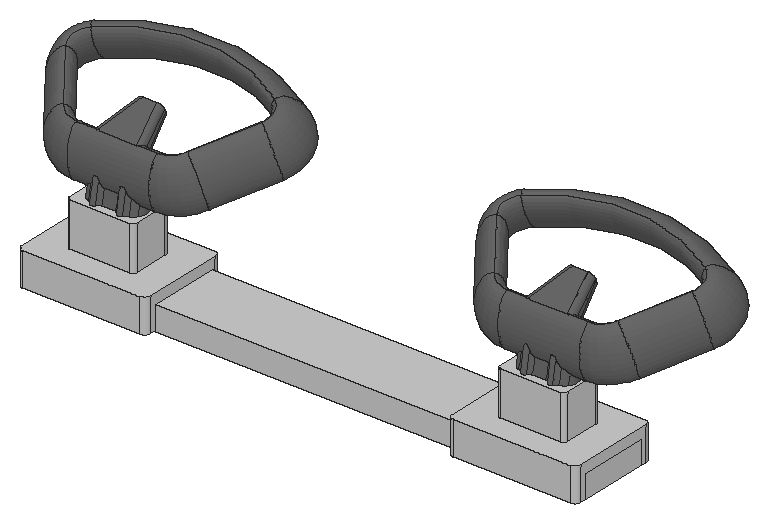
Revit family "Magnuson-Kobe-CoatHookStrip+", category Furniture, host Face, Revit 2020
Family settings
  Host = Face
  Cut with Voids When Loaded = No
  Shared = No
  Room Calculation Point = No
Parameters (values of type "KOBE-2")
  Width = 8 5/8"
  URL = "www.magnusongroup.com"
  Type Comments = "Coat Hook Strip"  # constant formula
  Revit Model Built By = "https://servex-us.com/servex-revit/"
  Product Documentation Link = "https://magnusongroup.com/products/division10/kobeseriescoathookstrips.html"
  Hook Qty = 2
  Frame Finish = MAG - Steel, Wrought
  Salvage or Reuse = yes
  Percentage of Recycled Content = 0
  Model = "KOBE-2"
  Manufacturer = "Magnuson Group"  # constant formula
  Low Emitting Material = yes
  Low Emitting Finish = yes
  Keynote = "12500"
  Hook Finish = MAG - Black Plastic
  Description = "Hook strip with two coat hooks."
  Default Elevation = 48"
  Assembly Code = "E2020200"
Types (5): name | Width | Hook Qty | Model | Description
  (no name) | 8 5/8" | 2 | "KOBE-2" | "Hook strip with two coat hooks."
  KOBE-2 | 8 5/8" | 2 | "KOBE-2" | "Hook strip with two coat hooks."
  KOBE-1 | 1 127/128" | 2 | "KOBE-1" | "Hook strip with single coat hook."
  KOBE-3 | 15" | 3 | "KOBE-3" | "Hook strip with three coat hooks."
  KOBE-5 | 28 11/16" | 5 | "KOBE-5" | "Hook strip with five coat hooks."
Reference planes (in)
  plane 1 "Center (Front/Back)": y = 0
  plane 2: z = 0
  plane 3 "Center (Left/Right)": x = 0
  plane 4: x = 8.625
Forms (in)
  Extrusion 1, solid, material "MAG - Steel, Wrought" <- "Frame Finish"
    sketch origin (0, 0, 0) x (1, 0, 0) y (0, 1, 0)
      loop
        line (0, 0.54736) -> (0, -0.54736) -> (8.625, -0.54736) -> (8.625, 0.54736) -> (0, 0.54736)
    from 0 to 0.36338
Dimensions and locks (in)
  equal spacing: Extrusion 1 sketch curve, plane 1 "Center (Front/Back)", Extrusion 1 sketch curve
  group 1 to group 2 = 6.64075"
  group 1 to group 2 = 0"  (x2)
  "Width": plane 3 "Center (Left/Right)" to plane 4
  aligned and locked: plane 2 to host face
  aligned and locked: level to host face
  aligned and locked: plane 3 "Center (Left/Right)" to Extrusion 1 sketch curve
  aligned and locked: Extrusion 1 sketch curve to plane 4
  aligned and locked: nested 1 to plane 3 "Center (Left/Right)"
  aligned and locked: plane 4 to nested 2
  aligned and locked: plane 1 "Center (Front/Back)" to nested 1
  aligned and locked: plane 1 "Center (Front/Back)" to nested 2
  aligned and locked: nested 1 to plane 2
  aligned and locked: plane 2 to nested 2
Automatic sketch dimensions
  host sketch curve to host sketch curve = 21.12737"
  host sketch curve to host sketch curve = 15.17679"
  plane 1 "Center (Front/Back)" to Extrusion 1 sketch curve = 0.54736"
Nested families (in)
  nested 1: "Kobe-H" at (0.99213, 0, 0), type "Kobe-H"
  nested 2: "Kobe-H" at (7.63287, 0, 0), type "Kobe-H"
Definition of nested family "Kobe-H"
  Parameters (values of type "Kobe-H")
    Revit Model Built By = "https://servex-us.com/servex-revit/"
    Hook Finish = none
    Default Elevation = 0"
    Base Finish = none
  Reference planes (in)
    plane 1 "Center (Front/Back)": y = 0
    plane 2: z = 0
    plane 3 "Center (Left/Right)": x = 0
  Forms (in)
    Sweep 1, solid, material <- "Hook Finish"
      path origin (0, 2.09805, 2.10839) x (0, 0.93358, 0.358368) y (-1, 0, 0)
        loop
          line (-2.33719, 0.62852) -> (-2.33719, -0.62852)
          arc (-2.33719, -0.62852) -> (-2.25337, -0.97305) -> (-2.02065, -1.24057) r 0.75
          line (-2.02065, -1.24057) -> (-1.23499, -1.79698)
          arc (-1.23499, -1.79698) -> (-0.74, -1.89745) -> (-0.33238, -1.59921) r 0.625
          arc (-0.33238, -1.59921) -> (0.09577, 0) -> (-0.33238, 1.59921) r 3.20072
          arc (-0.33238, 1.59921) -> (-0.74, 1.89745) -> (-1.23499, 1.79698) r 0.625
          line (-1.23499, 1.79698) -> (-2.02065, 1.24057)
          arc (-2.02065, 1.24057) -> (-2.25337, 0.97305) -> (-2.33719, 0.62852) r 0.75
      profile origin (0, -0.0839, 1.27082) x (0, 0.93358, 0.358368) y (0, -0.358368, 0.93358)
        loop
          spline (0.06827, -0.00653) -> (0.11754, -0.01082) -> (0.17323, 0.01066) -> (0.23156, 0.05646) -> (0.28854, 0.12345) -> (0.34029, 0.20706) -> (0.38329, 0.30161) -> (0.4146, 0.40064) -> (0.43209, 0.49741) -> (0.43457, 0.58532) -> (0.42187, 0.65838) -> (0.39485, 0.71161) -> (0.35536, 0.74139)
          spline (0.35536, 0.74139) -> (0.30609, 0.74568) -> (0.2504, 0.7242) -> (0.19207, 0.6784) -> (0.13509, 0.61141) -> (0.08334, 0.5278) -> (0.04034, 0.43325) -> (0.00903, 0.33422) -> (-0.00846, 0.23746) -> (-0.01094, 0.14955) -> (0.00176, 0.07648) -> (0.02878, 0.02325) -> (0.06827, -0.00653)
    Blend 2, solid, material <- "Hook Finish"
      base sketch origin (0, 0.6784, 2.15486) x (0, 0.358368, -0.93358) y (-1, 0, 0)
        loop
          arc (-0.18778, -0.10079) -> (-0.16032, -0.16708) -> (-0.09403, -0.19454) r 0.09375
          line (-0.09403, -0.19454) -> (-0.05023, -0.19454)
          arc (-0.05023, -0.19454) -> (0.01606, -0.16708) -> (0.04352, -0.10079) r 0.09375
          line (0.04352, -0.10079) -> (0.04352, 0.12143)
          arc (0.04352, 0.12143) -> (0.01606, 0.18772) -> (-0.05023, 0.21518) r 0.09375
          line (-0.05023, 0.21518) -> (-0.09403, 0.21518)
          arc (-0.09403, 0.21518) -> (-0.16032, 0.18772) -> (-0.18778, 0.12143) r 0.09375
          line (-0.18778, 0.12143) -> (-0.18778, -0.10079)
      top sketch origin (0, 0.6784, 2.15486) x (0, 0.358368, -0.93358) y (-1, 0, 0)
        loop
          line (-0.19265, 0.31266) -> (-0.19265, -0.31266)
          arc (-0.19265, -0.31266) -> (-0.16519, -0.37895) -> (-0.0989, -0.40641) r 0.09375
          line (-0.0989, -0.40641) -> (0.01134, -0.40641)
          arc (0.01134, -0.40641) -> (0.07763, -0.37895) -> (0.10509, -0.31266) r 0.09375
          line (0.10509, -0.31266) -> (0.10509, 0.31266)
          arc (0.10509, 0.31266) -> (0.07763, 0.37895) -> (0.01134, 0.40641) r 0.09375
          line (0.01134, 0.40641) -> (-0.0989, 0.40641)
          arc (-0.0989, 0.40641) -> (-0.16519, 0.37895) -> (-0.19265, 0.31266) r 0.09375
      from 0 to -0.72102
    Extrusion 3, solid, material <- "Base Finish"
      sketch origin (0, 0, 0) x (1, 0, 0) y (0, 1, 0)
        loop
          arc (-0.89838, 0.71659) -> (-0.96467, 0.68913) -> (-0.99213, 0.62284) r 0.09375
          line (-0.99213, 0.62284) -> (-0.99213, -0.62284)
          arc (-0.99213, -0.62284) -> (-0.96467, -0.68913) -> (-0.89838, -0.71659) r 0.09375
          line (-0.89838, -0.71659) -> (0.89838, -0.71659)
          arc (0.89838, -0.71659) -> (0.96467, -0.68913) -> (0.99213, -0.62284) r 0.09375
          line (0.99213, -0.62284) -> (0.99213, 0.62284)
          arc (0.99213, 0.62284) -> (0.96467, 0.68913) -> (0.89838, 0.71659) r 0.09375
          line (0.89838, 0.71659) -> (-0.89838, 0.71659)
      from 0 to 0.51338
    Extrusion 4, solid, material <- "Base Finish"
      sketch origin (0, 0, 0) x (1, 0, 0) y (0, 1, 0)
        loop
          arc (-0.4833, 0.33318) -> (-0.52749, 0.31487) -> (-0.5458, 0.27068) r 0.0625
          line (-0.5458, 0.27068) -> (-0.5458, -0.26597)
          arc (-0.5458, -0.26597) -> (-0.52749, -0.31017) -> (-0.4833, -0.32847) r 0.0625
          line (-0.4833, -0.32847) -> (0.43923, -0.32847)
          arc (0.43923, -0.32847) -> (0.48342, -0.31017) -> (0.50173, -0.26597) r 0.0625
          line (0.50173, -0.26597) -> (0.50173, 0.27068)
          arc (0.50173, 0.27068) -> (0.48342, 0.31487) -> (0.43923, 0.33318) r 0.0625
          line (0.43923, 0.33318) -> (-0.4833, 0.33318)
      from 0.51338 to 1.18911
    Blend 5, solid, material <- "Hook Finish"
      base sketch origin (0, 0, 0) x (1, 0, 0) y (0, 1, 0)
        loop
          arc (-0.32092, 0.16799) -> (-0.43305, 0.04216) -> (-0.40402, -0.12387) r 0.19355
          arc (-0.40402, -0.12387) -> (-0.36373, -0.17087) -> (-0.3067, -0.19492) r 0.13488
          arc (-0.3067, -0.19492) -> (-0.27403, -0.20886) -> (-0.25125, -0.23611) r 0.07607
          arc (-0.25125, -0.23611) -> (-0.20717, -0.26345) -> (-0.16309, -0.23611) r 0.04921
          arc (-0.16309, -0.23611) -> (-0.14031, -0.20886) -> (-0.10763, -0.19492) r 0.07607
          line (-0.10763, -0.19492) -> (0.10763, -0.19492)
          arc (0.10763, -0.19492) -> (0.14031, -0.20886) -> (0.16309, -0.23611) r 0.07607
          arc (0.16309, -0.23611) -> (0.20717, -0.26345) -> (0.25125, -0.23611) r 0.04921
          arc (0.25125, -0.23611) -> (0.27403, -0.20886) -> (0.3067, -0.19492) r 0.07607
          arc (0.3067, -0.19492) -> (0.36373, -0.17087) -> (0.40402, -0.12387) r 0.13488
          arc (0.40402, -0.12387) -> (0.43305, 0.04216) -> (0.32092, 0.16799) r 0.19355
          line (0.32092, 0.16799) -> (-0.32092, 0.16799)
      top sketch origin (0, 0, 0) x (1, 0, 0) y (0, 1, 0)
        loop
          arc (-0.25125, -0.14236) -> (-0.20717, -0.1697) -> (-0.16309, -0.14236) r 0.04921
          arc (-0.16309, -0.14236) -> (-0.14031, -0.11511) -> (-0.10763, -0.10117) r 0.07607
          line (-0.10763, -0.10117) -> (0.10763, -0.10117)
          arc (0.10763, -0.10117) -> (0.14031, -0.11511) -> (0.16309, -0.14236) r 0.07607
          arc (0.16309, -0.14236) -> (0.20717, -0.1697) -> (0.25125, -0.14236) r 0.04921
          arc (0.25125, -0.14236) -> (0.27403, -0.11511) -> (0.3067, -0.10117) r 0.07607
          arc (0.3067, -0.10117) -> (0.36373, -0.07712) -> (0.40402, -0.03012) r 0.13488
          arc (0.40402, -0.03012) -> (0.41481, 0.07069) -> (0.35474, 0.15237) r 0.14004
          line (0.35474, 0.15237) -> (-0.35474, 0.15237)
          arc (-0.35474, 0.15237) -> (-0.41481, 0.07069) -> (-0.40402, -0.03012) r 0.14004
          arc (-0.40402, -0.03012) -> (-0.36373, -0.07712) -> (-0.3067, -0.10117) r 0.13488
          arc (-0.3067, -0.10117) -> (-0.27403, -0.11511) -> (-0.25125, -0.14236) r 0.07607
      from 1.18911 to 1.70726
    Extrusion 6, void
      sketch origin (0, 0, 0) x (0, 1, 0) y (0, 0, 1)
        loop
          line (0.54838, 0.36198) -> (-0.54785, 0.36198) -> (-0.54785, 0) -> (0.54838, 0) -> (0.54838, 0.36198)
      from -0.99213 to 0.99213
  Cuts and joins
    joined: Sweep 1, Blend 2, Blend 5
    Extrusion 6 cuts Extrusion 3
  Dimensions and locks (in)
    aligned and locked: plane 2 to level
    aligned and locked: Extrusion 3 to Extrusion 6  (x2)
    aligned and locked: Extrusion 4 to cut or joined group of Extrusion 3, Extrusion 6
